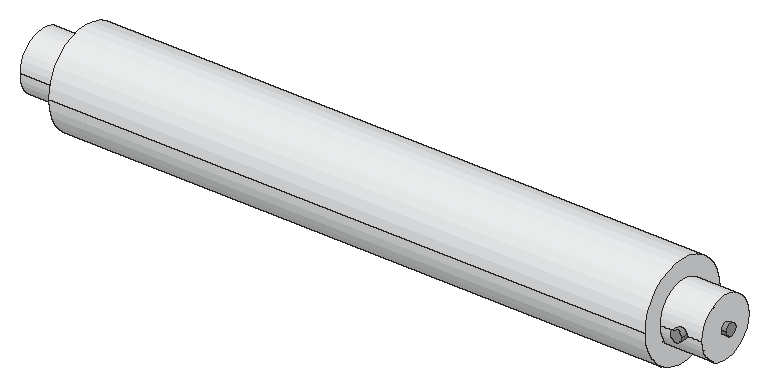
Revit family
Parameters (values of type "K101-164-12")
  Welded Thick = 10 mm
  URL = "http://viewer.zmags.com/publication/f01ae52f"
  Tube Radius = Tube Diameter / 2  # 50.8 mm
  Tube Diameter = 101.6 mm
  Tube = RAL 9016
  Thermal Performance = Thermal Performance Constant * Length / 1000 mm  # 216
  Socket Radius = 10 mm
  Socket = RAL 9016
  Side Socket Thick = Tube Radius + Welded Thick  # 60.8 mm
  Offset = 75 mm
  Model = "K101-164-12"
  Max #1 Pole Breakers [instance] = 271
  Manufacturer = "Meinertz"
  Length = 1200 mm
  Keynote = "K101-164-12"
  Height = 150 mm
  GoGetNo = 6960  # constant formula
  Fins = yes
  Fin Radius = Fin Diameter / 2  # 82 mm
  Fin Pitch = RAL 9016 F
  Fin Diameter = 164 mm
  Thermal Performance Constant = if(Fin Diameter = 73 mm, 88, if(Fin Diameter = 83 mm, 104, if(Fin Diameter = 92 mm, 88, if(Fin Diameter = 98 mm, 82, if(Fin Diameter = 123 mm, 110, if(Fin Diameter = 139 mm, 133, 180))))))  # 180
Types (9, lengths in mm): name | Tube Radius | Tube Diameter | Thermal Performance | Side Socket Thick | Model | Keynote | Height | Fin Radius | Fin Diameter | Thermal Performance Constant
  (no name) | 50.8 | 101.6 | 216 | 60.8 | "K101-164-12" | "K101-164-12" | 150 | 82 | 164 | 180
  K33-73-08 | 16.85 | 33.7 | 105.6 | 26.85 | "K33-73-08" | "K33-73-08" | 125 | 36.5 | 73 | 88
  K33-83-10 | 16.85 | 33.7 | 124.8 | 26.85 | "K33-83-10" | "K33-83-10" | 150 | 41.5 | 83 | 104
  K42-92-10 | 21.2 | 42.4 | 105.6 | 31.2 | "K42-92-10" | "K42-92-10" | 150 | 46 | 92 | 88
  K48-98-10 | 24.15 | 48.3 | 98.4 | 34.15 | "K48-98-10" | "K48-98-10" | 150 | 49 | 98 | 82
  K60-110-10 | 30.15 | 60.3 | 216 | 40.15 | "K60-110-10" | "K60-110-10" | 150 | 55 | 110 | 180
  K60-123-12 | 30.15 | 60.3 | 132 | 40.15 | "K60-123-12" | "K60-123-12" | 150 | 61.5 | 123 | 110
  K76-139-12 | 38.05 | 76.1 | 159.6 | 48.05 | "K76-139-12" | "K76-139-12" | 150 | 69.5 | 139 | 133
  K101-164-12 | 50.8 | 101.6 | 216 | 60.8 | "K101-164-12" | "K101-164-12" | 150 | 82 | 164 | 180
Reference planes
  plane 1 "Center (Front/Back)": y = 0
  plane 2: z = 0
  plane 3 "Center (Left/Right)": x = 0
  plane 4: x = -600
  plane 5: x = 600
  plane 6: z = 150
  plane 7: x = -525
  plane 8: x = 525
  plane 9: x = -610
  plane 10: x = 610
  plane 11: x = 562.5
  plane 12: y = -60.8
Forms (mm)
  Extrusion 1, solid, material "RAL 9016" <- "Tube"
    sketch origin (0, 0, 0) x (0, 1, 0) y (0, 0, 1)
      loop
        circle (0, 150) r 50.8
    from -600 to 600
  Extrusion 2, solid, material "RAL 9016 F" <- "Fin Pitch", visible <- "Fins"
    sketch origin (0, 0, 0) x (0, 1, 0) y (0, 0, 1)
      loop
        circle (0, 150) r 82
    from -525 to 525
  Extrusion 3, solid, material "Tap"
    sketch origin (0, 0, 0) x (0, 1, 0) y (0, 0, 1)
      loop
        circle (0, 150) r 10
    from 600 to 610
  Extrusion 4, solid, material "Tap"
    sketch origin (0, 0, 0) x (0, 1, 0) y (0, 0, -1)
      loop
        circle (0, -150) r 10
    from 600 to 610
  Extrusion 5, solid, material "Tap"
    sketch origin (0, 0, 0) x (1, 0, 0) y (0, 0, 1)
      loop
        circle (562.5, 150) r 10
    from 0 to 60.8
Dimensions and locks
  equal spacing: plane 4, plane 3 "Center (Left/Right)", plane 5
  "Length": plane 4 to plane 5
  "Offset": plane 4 to plane 7
  "Offset": plane 8 to plane 5
  "Height": plane 6 to plane 2
  "Welded Thick": plane 5 to plane 10
  "Welded Thick": plane 9 to plane 4
  equal spacing: plane 8, plane 11, plane 5
  "Side Socket Thick": plane 1 "Center (Front/Back)" to plane 12
  "Tube Radius": radius of Extrusion 1 sketch curve
  "Fin Radius": radius of Extrusion 2 sketch curve
  "Socket Radius": radius of Extrusion 3 sketch curve
  "Socket Radius": radius of Extrusion 4 sketch curve
  "Socket Radius": radius of Extrusion 5 sketch curve
  aligned and locked: Extrusion 1 to plane 4
  aligned and locked: plane 5 to Extrusion 1
  aligned and locked: plane 8 to Extrusion 2
  aligned and locked: Extrusion 2 to plane 7
  aligned and locked: plane 10 to Extrusion 3
  aligned and locked: Extrusion 3 to plane 5
  aligned and locked: plane 4 to Extrusion 4
  aligned and locked: Extrusion 4 to plane 9
  aligned and locked: Extrusion 5 to plane 1 "Center (Front/Back)"
  aligned and locked: plane 12 to Extrusion 5
Automatic sketch dimensions
  Extrusion 1 sketch curve to plane 1 "Center (Front/Back)" = 0 mm
  Extrusion 1 sketch curve to plane 6 = 0 mm
  Extrusion 2 sketch curve to plane 1 "Center (Front/Back)" = 0 mm
  Extrusion 2 sketch curve to plane 6 = 0 mm
  Extrusion 3 sketch curve to plane 1 "Center (Front/Back)" = 0 mm
  Extrusion 3 sketch curve to plane 6 = 0 mm
  Extrusion 4 sketch curve to plane 1 "Center (Front/Back)" = 0 mm
  Extrusion 4 sketch curve to plane 6 = 0 mm
  Extrusion 5 sketch curve to plane 6 = 0 mm
  Extrusion 5 sketch curve to plane 11 = 0 mm
Nested families
  nested 1: "Fin Profil" at (524.7, 0, 0), type "Fin Profil"
Connectors
  piping at (-610, 0, 150)
    settings: on Extrusion 4, index 1, connector radius 10 mm, flow factor 0, pipe flow 0.0 L/s, pressure drop 0.0 Pa, fitting loss kfactor 0, connector angle 0.00°, fixture units 0, flow configuration 1, flow direction 1, fitting loss method 0, system type 22, connector reference index -1, connector utility 0, adjustable connector no, is connector primary yes, fitting loss table "", connector description ""
  piping at (562.5, -60.8, 150)
    settings: on Extrusion 5, index 2, connector radius 10 mm, flow factor 0, pipe flow 0.0 L/s, pressure drop 0.0 Pa, fitting loss kfactor 0, connector angle 0.00°, fixture units 0, flow configuration 1, flow direction 2, fitting loss method 0, system type 22, connector reference index -1, connector utility 0, adjustable connector no, is connector primary no, fitting loss table "", connector description ""
  piping at (610, 0, 150)
    settings: on Extrusion 3, index 3, connector radius 10 mm, flow factor 0, pipe flow 0.0 L/s, pressure drop 0.0 Pa, fitting loss kfactor 0, connector angle 0.00°, fixture units 0, flow configuration 1, flow direction 2, fitting loss method 0, system type 22, connector reference index -1, connector utility 0, adjustable connector no, is connector primary no, fitting loss table "", connector description ""
Definition of nested family "Fin Profil"
  Parameters
    Fin Thick = 2 mm
    Fin Diameter = 100 mm
  Reference planes
    plane 1 "Center (Front/Back)": y = 0
    plane 2: z = 0
    plane 3 "Center (Left/Right)": x = 0
    plane 4: x = -1
    plane 5: x = 1
    plane 6: y = 50
    plane 7: y = -50
  Lines and regions (mm)
    detail lines, in view "Ref. Level"
      curve 1: line (-1, 50, 0) -> (1, 50, 0)
      curve 2: line (1, 50, 0) -> (1, -50, 0)
      curve 3: line (1, -50, 0) -> (-1, -50, 0)
      curve 4: line (-1, -50, 0) -> (-1, 50, 0)
  Dimensions and locks
    equal spacing: plane 4, plane 3 "Center (Left/Right)", plane 5
    equal spacing: plane 6, plane 1 "Center (Front/Back)", plane 7
    "Fin Diameter": plane 6 to plane 7
    "Fin Thick": plane 4 to plane 5
    aligned and locked: curve 1 to plane 6
    aligned and locked: curve 2 to plane 5
    aligned and locked: plane 4 to curve 4
    aligned and locked: plane 7 to curve 3
